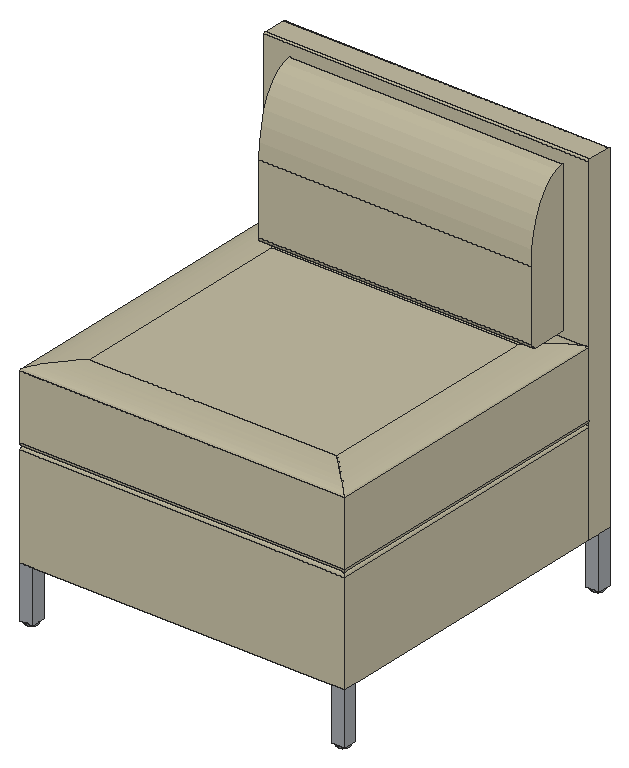
Revit family
Parameters
  URL = "http://www.martinbrattrud.com"
  SCS Certified Product = "Yes"
  Model = "Bristol 246-01"
  Manufacturer = "Martin Brattrud, Inc."
  Keynote = "125000"
  Copyright = "© 2013 Martin Brattrud, Inc."
  Chair [instance] = none
  Back Cushion [instance] = none
  Authoring Version = "Revit Architecture 2010"
  Assembly Code = "E2020200"
Reference planes (in)
  plane 1 "Center Front/Back": y = 0
  plane 2: z = 0
  plane 3 "Center Left/Right": x = 0
Forms (in)
  Extrusion 1, solid, material <- "Back Cushion"
    sketch origin (0, 0, 0) x (0, 1, 0) y (0, 0, 1)
      loop
        line (7.75, 23.75) -> (7.75, 18.375)
        arc (7.75, 18.375) -> (7.859835, 18.109835) -> (8.125, 18) r 0.375
        line (8.125, 18) -> (10.75, 18) -> (10.75, 29.5)
        spline (10.75, 29.5) -> (10.3584214, 29.450808) -> (9.9735429, 29.3040735) -> (9.6019497, 29.0623073) -> (9.25, 28.7296461) -> (8.9237157, 28.3117817) -> (8.6286797, 27.815864) -> (8.36994, 27.2503782) -> (8.1519238, 26.625) -> (7.9783614, 25.9504297) -> (7.8522225, 25.2382095) -> (7.7756654, 24.5005256) -> (7.75, 23.75)
    from -10.5 to 10.5
  Extrusion 2, solid, material <- "Chair"
    sketch origin (0, 0, 0) x (0, 1, 0) y (0, 0, 1)
      loop
        line (12.625, 30.5) -> (10.875, 30.5)
        arc (10.875, 30.5) -> (10.7866117, 30.4633883) -> (10.75, 30.375) r 0.125
        line (10.75, 30.375) -> (10.75, 4.25) -> (12.75, 4.25) -> (12.75, 30.375)
        arc (12.75, 30.375) -> (12.7133883, 30.4633883) -> (12.625, 30.5) r 0.125
    from -12.5 to 12.5
  Sweep 3, solid, material <- "Chair"
    path in 3D
      loop
        line (12.5, -12.75, 0) -> (12.5, 10.75, 0) -> (-12.5, 10.75, 0) -> (-12.5, -12.75, 0) -> (12.5, -12.75, 0)
    profile origin (0, -12.75, 0) x (0, 1, 0) y (0, 0, 1)
      loop
        line (0.0039062, 17.5) -> (10.75, 17.5) -> (10.75, 18) -> (3.0039063, 18)
        spline (3.0039063, 18) -> (2.6123277, 17.9957224) -> (2.2274491, 17.9829629) -> (1.855856, 17.9619398) -> (1.5039063, 17.9330127) -> (1.177622, 17.8966767) -> (0.8825859, 17.8535534) -> (0.6238462, 17.8043807) -> (0.40583, 17.75) -> (0.2322677, 17.6913417) -> (0.1061288, 17.6294095) -> (0.0295717, 17.5652631) -> (0.0039062, 17.5)
  Extrusion 4, solid, material <- "Chair"
    sketch origin (0, 0, 0) x (1, 0, 0) y (0, 1, 0)
      loop
        line (-1.75, -2) -> (1.75, -2) -> (1.75, 0) -> (-1.75, 0) -> (-1.75, -2)
    from 4.25 to 12.25
  Extrusion 5, solid, material <- "Chair"
    sketch origin (0, 0, 0) x (1, 0, 0) y (0, 1, 0)
      loop
        line (-1.75, -2) -> (1.75, -2) -> (1.75, 0) -> (-1.75, 0) -> (-1.75, -2)
    from 12.25 to 17.5
  Sweep 6, solid, material <- "Chair"
    path in 3D
      loop
        line (12.5, -12.75, 0) -> (12.5, 10.75, 0) -> (-12.5, 10.75, 0) -> (-12.5, -12.75, 0) -> (12.5, -12.75, 0)
    profile origin (0, -12.75, 0) x (0, 1, 0) y (0, 0, 1)
      loop
        line (0, 12) -> (0, 4.25) -> (10.75, 4.25) -> (10.75, 12.25) -> (0.25, 12.25)
        arc (0.25, 12.25) -> (0.0732233, 12.1767767) -> (0, 12) r 0.25
  Sweep 7, solid, material <- "Chair"
    path origin (0, 0, 0) x (1, 0, 0) y (0, 1, 0)
      loop
        line (-12.5, -12.75) -> (12.5, -12.75) -> (12.5, 10.75) -> (-12.5, 10.75) -> (-12.5, -12.75)
    profile origin (0, -12.75, 0) x (0, 1, 0) y (0, 0, 1)
      loop
        line (0, 17.5) -> (0, 12.5)
        arc (0, 12.5) -> (0.0732233, 12.3232233) -> (0.25, 12.25) r 0.25
        line (0.25, 12.25) -> (10.75, 12.25) -> (10.75, 17.5) -> (0, 17.5)
  Extrusion 8, solid, material <- "Chair"
    sketch origin (0, 0, 0) x (1, 0, 0) y (0, 1, 0)
      loop
        line (-1.75, 0) -> (-1.75, -2) -> (1.75, -2) -> (1.75, 0) -> (-1.75, 0)
    from 17.5 to 18
Cuts and joins
  joined: Extrusion 4, Sweep 6
  joined: Sweep 3, Extrusion 8
  joined: Extrusion 5, Sweep 7
Lines and regions (in)
  sketch lines
    curve 1: line (-12.5, -12.75, 0) -> (12.5, -12.75, 0)
    curve 2: line (12.5, -12.75, 0) -> (12.5, 10.75, 0)
    curve 3: line (-12.5, 10.75, 0) -> (12.5, 10.75, 0)
    curve 4: line (-12.5, 10.75, 0) -> (-12.5, -12.75, 0)
    curve 5: line (-12.5, -12.75, 0) -> (12.5, -12.75, 0)
    curve 6: line (12.5, -12.75, 0) -> (12.5, 10.75, 0)
    curve 7: line (-12.5, 10.75, 0) -> (12.5, 10.75, 0)
    curve 8: line (-12.5, 10.75, 0) -> (-12.5, -12.75, 0)
Nested families (in)
  nested 1: "Bristol Leg" at (-12, -12.25, 0), type "Bristol Leg"
  nested 2: "Bristol Leg" at (-12, 12.25, 0), type "Bristol Leg"
  nested 3: "Bristol Leg" at (12, 12.25, 0), type "Bristol Leg"
  nested 4: "Bristol Leg" at (12, -12.25, 0), type "Bristol Leg"
Definition of nested family "Bristol Leg"
  Parameters
    URL = "http://www.martinbrattrud.com"
    SCS Certified Product = ""
    Model = ""
    Leg = none
    Manufacturer = "Martin Brattrud, Inc."
    Keynote = "125000"
    Copyright = "© 2013 Martin Brattrud, Inc."
    Authoring Version = "Revit Architecture 2010"
    Assembly Code = "E2020200"
  Reference planes (in)
    plane 1 "Center Front/Back": y = 0
    plane 2: z = 0
    plane 3 "Center Left/Right": x = 0
  Forms (in)
    Extrusion 1, solid, material <- "Leg"
      sketch origin (0, 0, 0) x (1, 0, 0) y (0, 1, 0)
        loop
          line (-0.5, 0.5) -> (-0.5, -0.5) -> (0.5, -0.5) -> (0.5, 0.5) -> (-0.5, 0.5)
      from 0.25 to 4.25
    Revolve 2, solid, material <- "Leg"
      sketch origin (0, 0, 0) x (0, 1, 0) y (0, 0, 1)
        loop
          line (0, 0) -> (0.25, 0)
          arc (0.25, 0) -> (0.4267767, 0.0732233) -> (0.5, 0.25) r 0.25
          line (0.5, 0.25) -> (0, 0.25) -> (0, 0)
        axis (0, 0.25) -> (0, 0)
      angle from 0 to 360
